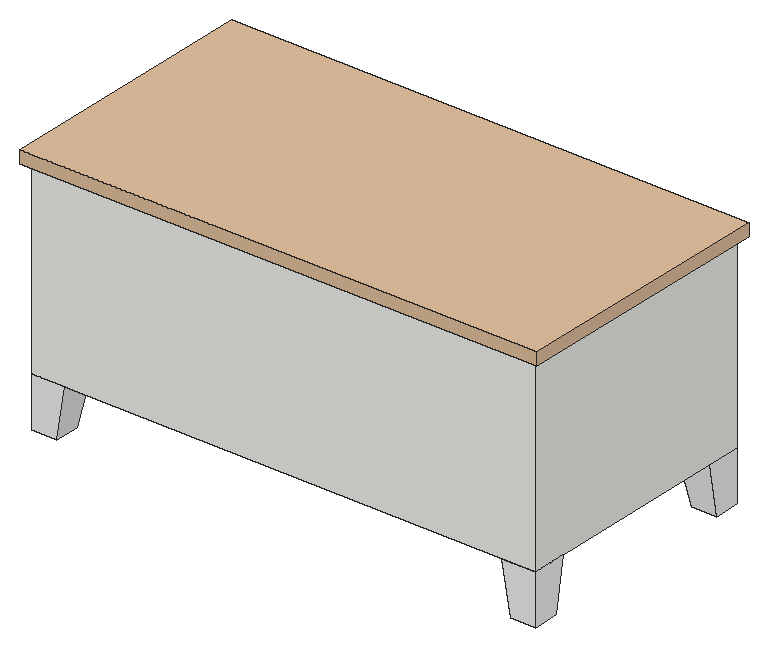
Revit family "Office_Desk", category Furniture, Revit 2021
Family settings
  Work Plane-Based = No
  Always vertical = Yes
  Cut with Voids When Loaded = No
  Shared = Yes
  Room Calculation Point = No
Parameters (values of type "1525x762x762mm")
  Keynote = "N"
  Depth = 762.00 mm
  Material Body = Laminate - Ivory, Matte
  Material Handle/Leg = Metal - Chrome
  Material Top = Wood - Cherry
  Height = 762.00 mm
  Leg Height = 152.00 mm
  Width = 1525.00 mm
  Default Elevation = 0.00 mm
Types (3, lengths in mm): name | Depth | Width
  1525x762x762mm | 762.00 | 1525.00
  1830x915x762mm | 915.00 | 1830.00
  1525x762x762mm_Student | 762.00 | 1525.00
Reference planes
  plane 1: y = 0
  plane 2: z = 0
  plane 3: x = 0
  plane 4: z = 723.9
  plane 5: z = 152
  plane 6: z = 762
  plane 7 "Right": x = 1525
  plane 8 "Front": y = 762
  plane 9: x = 762.5
  plane 10: y = 381
  plane 11: y = 774.7
  plane 12: x = 1321.8
  plane 13: x = 203.2
  plane 14: z = 304.8
  plane 15: z = 425.45
  plane 16: z = 546.1
  plane 17: z = 666.75
  plane 18: z = 546.1
  plane 19: z = 666.75
Forms (mm)
  Extrusion 1, solid, material "Laminate - Ivory, Matte" <- "Material Body"
    sketch origin (0, 0, 0) x (1, 0, 0) y (0, 1, 0)
      loop
        line (0, 762) -> (0, 0) -> (1525, 0) -> (1525, 762) -> (1118.6, 762) -> (1118.6, 50.8) -> (406.4, 50.8) -> (406.4, 762) -> (0, 762)
    from 152 to 723.9
  Extrusion 2, solid, material "Wood - Cherry" <- "Material Top"
    sketch origin (0, 0, 0) x (1, 0, 0) y (0, 1, 0)
      loop
        line (-19.05, 781.05) -> (-19.05, -19.05) -> (1544.05, -19.05) -> (1544.05, 781.05) -> (-19.05, 781.05)
    from 723.9 to 762
  Blend 3, solid, material "Metal - Chrome" <- "Material Handle/Leg"
    base sketch origin (0, 0, 0) x (1, 0, 0) y (0, 1, 0)
      loop
        line (0, 762) -> (0, 685.8) -> (76.2, 685.8) -> (76.2, 762) -> (0, 762)
    top sketch origin (0, 0, 0) x (1, 0, 0) y (0, 1, 0)
      loop
        line (0, 762) -> (0, 660.4) -> (101.6, 660.4) -> (101.6, 762) -> (0, 762)
    from 0 to 152
  Blend 4, solid, material "Metal - Chrome" <- "Material Handle/Leg"
    base sketch origin (0, 0, 0) x (1, 0, 0) y (0, 1, 0)
      loop
        line (0, 0) -> (76.2, 0) -> (76.2, 76.2) -> (0, 76.2) -> (0, 0)
    top sketch origin (0, 0, 0) x (1, 0, 0) y (0, 1, 0)
      loop
        line (0, 0) -> (101.6, 0) -> (101.6, 101.6) -> (0, 101.6) -> (0, 0)
    from 0 to 152
  Blend 5, solid, material "Metal - Chrome" <- "Material Handle/Leg"
    base sketch origin (0, 0, 0) x (1, 0, 0) y (0, 1, 0)
      loop
        line (1525, 0) -> (1525, 76.2) -> (1448.8, 76.2) -> (1448.8, 0) -> (1525, 0)
    top sketch origin (0, 0, 0) x (1, 0, 0) y (0, 1, 0)
      loop
        line (1525, 0) -> (1525, 101.6) -> (1423.4, 101.6) -> (1423.4, 0) -> (1525, 0)
    from 0 to 152
  Blend 6, solid, material "Metal - Chrome" <- "Material Handle/Leg"
    base sketch origin (0, 0, 0) x (1, 0, 0) y (0, 1, 0)
      loop
        line (1525, 762) -> (1448.8, 762) -> (1448.8, 685.8) -> (1525, 685.8) -> (1525, 762)
    top sketch origin (0, 0, 0) x (1, 0, 0) y (0, 1, 0)
      loop
        line (1525, 762) -> (1423.4, 762) -> (1423.4, 660.4) -> (1525, 660.4) -> (1525, 762)
    from 0 to 152
  Extrusion 7, solid, material "Laminate - Ivory, Matte" <- "Material Body"
    sketch origin (0, 762, 0) x (1, 0, 0) y (0, 0, 1)
      loop
        line (19.05, 704.85) -> (19.05, 602.85) -> (387.35, 602.85) -> (387.35, 704.85) -> (19.05, 704.85)
      loop
        line (19.05, 171.05) -> (387.35, 171.05) -> (387.35, 342.5) -> (19.05, 342.5) -> (19.05, 171.05)
      loop
        line (387.35, 583.8) -> (19.05, 583.8) -> (19.05, 482.2) -> (387.35, 482.2) -> (387.35, 583.8)
      loop
        line (387.35, 463.15) -> (19.05, 463.15) -> (19.05, 361.55) -> (387.35, 361.55) -> (387.35, 463.15)
    from -12.7 to 0
  Extrusion 8, solid, material "Laminate - Ivory, Matte" <- "Material Body"
    sketch origin (1828.8, 914.4, 0) x (-1, 0, 0) y (0, 0, -1)
      loop
        line (322.85, -704.85) -> (691.15, -704.85) -> (691.15, -603.25) -> (322.85, -603.25) -> (322.85, -704.85)
      loop
        line (322.85, -171.05) -> (322.85, -584.2) -> (691.15, -584.2) -> (691.15, -171.05) -> (322.85, -171.05)
    from 139.7 to 152.4
  Sweep 9, solid, material "Metal - Chrome" <- "Material Handle/Leg"
    path origin (0, 0, 0) x (1, 0, 0) y (0, 1, 0)
      loop
        line (152.4, 774.7) -> (152.4, 800.1) -> (254, 800.1) -> (254, 774.7)
    profile origin (0, 787.4, 0) x (-1, 0, 0) y (0, 0, 1)
      loop
        line (-152.4, 304.8) -> (-158.75, 304.8) -> (-158.75, 292.1) -> (-152.4, 292.1) -> (-152.4, 304.8)
      loop
        line (-152.4, 425.45) -> (-158.75, 425.45) -> (-158.75, 412.75) -> (-152.4, 412.75) -> (-152.4, 425.45)
      loop
        line (-152.4, 546.1) -> (-158.75, 546.1) -> (-158.75, 533.4) -> (-152.4, 533.4) -> (-152.4, 546.1)
      loop
        line (-152.4, 666.75) -> (-158.75, 666.75) -> (-158.75, 654.05) -> (-152.4, 654.05) -> (-152.4, 666.75)
  Sweep 10, solid, material "Metal - Chrome" <- "Material Handle/Leg"
    path origin (0, 0, 0) x (1, 0, 0) y (0, 1, 0)
      loop
        line (1372.6, 774.7) -> (1372.6, 800.1) -> (1271, 800.1) -> (1271, 774.7)
    profile origin (0, 787.4, 0) x (-1, 0, 0) y (0, 0, 1)
      loop
        line (-1372.6, 546.1) -> (-1372.6, 533.4) -> (-1366.25, 533.4) -> (-1366.25, 546.1) -> (-1372.6, 546.1)
      loop
        line (-1372.6, 666.75) -> (-1372.6, 654.05) -> (-1366.25, 654.05) -> (-1366.25, 666.75) -> (-1372.6, 666.75)
Lines and regions (mm)
  Masking region 1
    outline origin (0, 0, 0) x (1, 0, 0) y (0, 1, 0)
      loop
        line (-19.05, 781.05) -> (-19.05, -19.05) -> (1544.05, -19.05) -> (1544.05, 781.05) -> (-19.05, 781.05)
  symbolic lines
    curve 1: line (-19.05, 781.05, 0) -> (-19.05, -19.05, 0)
    curve 2: line (-19.05, -19.05, 0) -> (1544.05, -19.05, 0)
    curve 3: line (1544.05, -19.05, 0) -> (1544.05, 781.05, 0)
    curve 4: line (1544.05, 781.05, 0) -> (-19.05, 781.05, 0)
    curve 5: line (254, 800.1, 0) -> (152.4, 800.1, 0)
    curve 6: line (254, 781.05, 0) -> (254, 800.1, 0)
    curve 7: line (152.4, 800.1, 0) -> (152.4, 781.05, 0)
    curve 8: line (1372.6, 781.05, 0) -> (1372.6, 800.1, 0)
    curve 9: line (1271, 800.1, 0) -> (1271, 781.05, 0)
    curve 10: line (1372.6, 800.1, 0) -> (1271, 800.1, 0)
Dimensions and locks
  "Width": plane 7 "Right" to plane 3
  "Depth": plane 1 to plane 8 "Front"
  "Height": plane 2 to plane 6
  plane 5 to plane 2 = 152.00 mm
  plane 4 to plane 6 = 38.10 mm
  equal spacing: plane 3, plane 9, plane 7 "Right"
  equal spacing: plane 1, plane 10, plane 8 "Front"
  locked: plane 4 to plane 6 at 38.1
  plane 3 to Extrusion 1 sketch curve = 406.40 mm
  Extrusion 1 sketch curve to plane 7 "Right" = 406.40 mm
  "Leg Height": plane 5 to plane 2
  Extrusion 1 to Extrusion 7 sketch curve = 19.05 mm
  plane 3 to Extrusion 7 sketch curve = 19.05 mm
  plane 5 to Extrusion 7 sketch curve = 19.05 mm
  Extrusion 7 sketch curve to plane 4 = 19.05 mm
  locked: plane 11 to plane 8 "Front" at 12.7
  plane 17 to Extrusion 7 = 38.10 mm
  plane 16 to Extrusion 7 = 37.70 mm
  plane 15 to Extrusion 7 = 37.70 mm
  plane 14 to Extrusion 7 = 37.70 mm
  plane 19 to Extrusion 8 = 38.10 mm
  plane 18 to Extrusion 8 = 38.10 mm
  plane 12 to plane 7 "Right" = 203.20 mm
  plane 3 to plane 13 = 203.20 mm
  aligned and locked: Extrusion 1 to plane 4
  aligned and locked: plane 4 to Extrusion 2
  aligned and locked: Extrusion 2 to plane 6
  aligned and locked: Extrusion 1 sketch curve to plane 3
  aligned and locked: Extrusion 1 sketch curve to plane 1
  aligned and locked: plane 5 to Extrusion 1
  aligned and locked: Blend 4 to plane 5
  aligned and locked: Blend 5 to plane 5
  aligned and locked: Blend 3 to plane 5
  aligned and locked: Blend 6 to plane 5
  aligned and locked: plane 11 to Extrusion 7
  aligned and locked: plane 8 "Front" to Extrusion 1 sketch curve
  aligned and locked: Extrusion 1 sketch curve to plane 8 "Front"
  aligned and locked: plane 11 to Extrusion 8
  aligned and locked: Extrusion 8 to Extrusion 1
  aligned and locked: curve 1 to Extrusion 2
  aligned and locked: curve 2 to Extrusion 2
  aligned and locked: curve 3 to Extrusion 2
  aligned and locked: curve 4 to Extrusion 2
  aligned and locked: curve 5 to Sweep 9
  aligned and locked: Sweep 9 to curve 6
  aligned and locked: curve 7 to Sweep 9
  aligned and locked: Sweep 10 to curve 8
  aligned and locked: curve 9 to Sweep 10
  aligned and locked: curve 10 to Sweep 10
Automatic sketch dimensions
  Blend 3 sketch curve to plane 8 "Front" = 0.00 mm  (x2)
  plane 3 to Blend 3 sketch curve = 76.20 mm
  plane 8 "Front" to Blend 3 sketch curve = 76.20 mm
  Blend 3 sketch curve to plane 3 = 0.00 mm  (x2)
  plane 3 to Blend 3 sketch curve = 101.60 mm
  plane 8 "Front" to Blend 3 sketch curve = 101.60 mm
  Blend 4 sketch curve to plane 3 = 0.00 mm  (x2)
  Blend 4 sketch curve to Blend 4 sketch curve = 76.20 mm  (x2)
  Blend 4 sketch curve to plane 1 = 0.00 mm  (x2)
  Blend 4 sketch curve to Blend 4 sketch curve = 101.60 mm  (x2)
  Blend 5 sketch curve to plane 7 "Right" = 0.00 mm  (x2)
  Blend 5 sketch curve to Blend 5 sketch curve = 76.20 mm
  Blend 5 sketch curve to plane 1 = 76.20 mm
  Blend 5 sketch curve to Blend 5 sketch curve = 101.60 mm
  Blend 5 sketch curve to plane 1 = 101.60 mm
  Blend 6 sketch curve to plane 7 "Right" = 0.00 mm  (x2)
  Blend 6 sketch curve to Blend 6 sketch curve = 76.20 mm
  plane 8 "Front" to Blend 6 sketch curve = 76.20 mm
  Blend 6 sketch curve to Blend 6 sketch curve = 101.60 mm
  plane 8 "Front" to Blend 6 sketch curve = 101.60 mm
  Blend 5 sketch curve to plane 1 = 0.00 mm  (x2)
  Blend 6 sketch curve to plane 8 "Front" = 0.00 mm  (x2)
  plane 1 to Extrusion 2 sketch curve = 19.05 mm
  Extrusion 2 sketch curve to plane 8 "Front" = 19.05 mm
  plane 7 "Right" to Extrusion 2 sketch curve = 19.05 mm
  Extrusion 2 sketch curve to plane 3 = 19.05 mm
  Extrusion 7 sketch curve to Extrusion 7 sketch curve = 171.45 mm
  Extrusion 7 sketch curve to Extrusion 7 sketch curve = 19.05 mm  (x3)
  Extrusion 7 sketch curve to Extrusion 7 sketch curve = 101.60 mm  (x2)
  plane 3 to Extrusion 7 sketch curve = 19.05 mm  (x3)
  Extrusion 7 sketch curve to Extrusion 7 sketch curve = 0.00 mm  (x3)
  plane 4 to Extrusion 8 sketch curve = 19.05 mm
  Extrusion 8 sketch curve to plane 7 "Right" = 19.05 mm  (x2)
  Extrusion 8 sketch curve to plane 5 = 19.05 mm
  plane 4 to Extrusion 8 sketch curve = 120.65 mm
  Extrusion 8 sketch curve to Extrusion 8 sketch curve = 368.30 mm
  Extrusion 8 sketch curve to Extrusion 8 sketch curve = 0.00 mm
  Extrusion 8 sketch curve to Extrusion 8 sketch curve = 19.05 mm
  Extrusion 1 sketch curve to plane 1 = 50.80 mm
  Sweep 9 sketch curve to plane 11 = 0.00 mm  (x2)
  Sweep 9 sketch curve to plane 13 = 50.80 mm
  plane 13 to Sweep 9 sketch curve = 50.80 mm
  Sweep 9 sketch curve to Sweep 9 sketch curve = 25.40 mm
  Sweep 9 sketch curve to plane 14 = 0.00 mm
  Sweep 9 sketch curve to plane 17 = 0.00 mm
  Sweep 9 sketch curve to plane 15 = 0.00 mm
  Sweep 9 sketch curve to plane 16 = 0.00 mm
  Sweep 9 sketch curve to profile plane = 0.00 mm  (x4)
  profile plane to Sweep 9 sketch curve = 6.35 mm  (x4)
  plane 14 to Sweep 9 sketch curve = 12.70 mm
  plane 15 to Sweep 9 sketch curve = 12.70 mm
  plane 16 to Sweep 9 sketch curve = 12.70 mm
  plane 17 to Sweep 9 sketch curve = 12.70 mm
  Sweep 10 sketch curve to plane 11 = 0.00 mm  (x2)
  plane 11 to Sweep 10 sketch curve = 25.40 mm
  plane 12 to Sweep 10 sketch curve = 50.80 mm
  Sweep 10 sketch curve to Sweep 10 sketch curve = 101.60 mm
  Sweep 10 sketch curve to profile plane = 0.00 mm  (x2)
  Sweep 10 sketch curve to plane 19 = 0.00 mm
  Sweep 10 sketch curve to plane 18 = 0.00 mm
  Sweep 10 sketch curve to profile plane = 6.35 mm  (x2)
  plane 18 to Sweep 10 sketch curve = 12.70 mm
  Sweep 10 sketch curve to Sweep 10 sketch curve = 12.70 mm
  Extrusion 1 sketch curve to plane 7 "Right" = 0.00 mm
  curve 1 to plane 3 = 19.05 mm
  plane 7 "Right" to curve 2 = 19.05 mm
  plane 1 to curve 3 = 19.05 mm
  plane 11 to curve 9 = 6.35 mm
  Masking region 1 sketch curve to plane 3 = 19.05 mm
  plane 7 "Right" to Masking region 1 sketch curve = 19.05 mm
  plane 1 to Masking region 1 sketch curve = 19.05 mm
  plane 11 to Masking region 1 sketch curve = 6.35 mm
